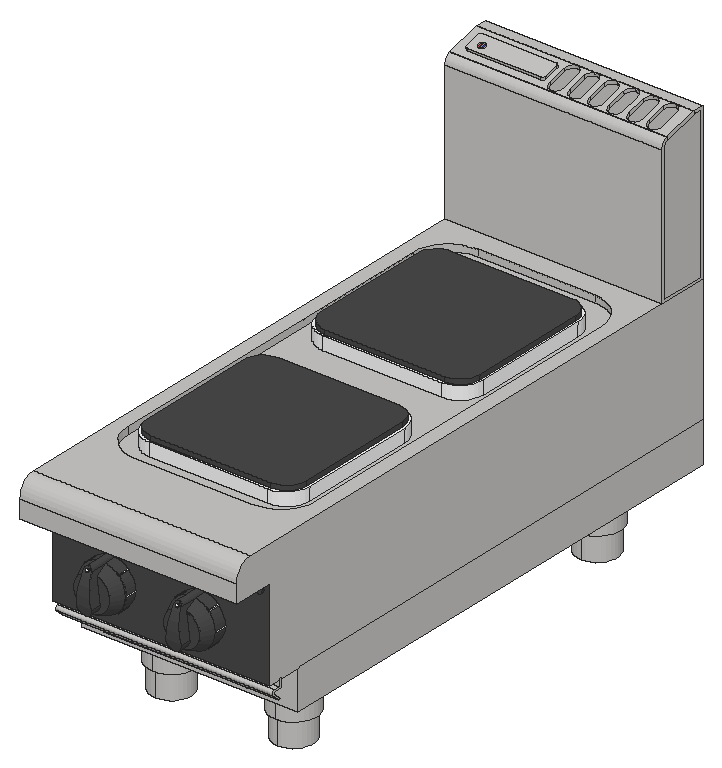
Revit family "QF_Moffat_RNB8200SE-B_Electric_Cooktops_Sealed_Hobs_cat", category Specialty Equipment, Revit 2019
Family settings
  Round Connector Dimension = Use Diameter
  Part Type = Normal
  Work Plane-Based = No
  Always vertical = Yes
  Cut with Voids When Loaded = No
  Shared = No
  Room Calculation Point = No
Parameters
  Weight in Kilograms = 32
  Watts = Volts * FL Amps  # 5060 W
  Volts = 230 V
  URL Cutsheet = ""
  Specification by User = ""
  Specification by Manufacturer = ""
  Show Low Back [instance] = no
  Show Logo [instance] = yes
  Show High Back [instance] = not(Show Low Back)  # yes
  Serial Number = ""
  Seismic Rating = ""
  SMACNA No = ""
  Revision Code = ""
  Phase = 1
  Number of Poles = 1
  NAFEM Spec ID Number = ""
  Model = "RNB8200SE-B"
  Min Ckt Ampacity = 0 A
  Max Overcurrent Protection = 0 A
  Masterspec = ""
  Manufacturer = "Moffat"
  Length = 300 mm
  Item Number = ""
  Installed By = ""
  Identify Quantity as Lot = yes
  Height = 315 mm
  HP = ""
  Furnished By = ""
  Foodservice Equipment Identifier = yes
  FL Amps = 22 A
  Electrical Remarks = ""
  Electric Connection Type = ""
  Elec Conn RI Height = 0 mm
  Elec Conn Connection Height = 0 mm
  Description = "Electric Cooktops Sealed Hobs"
  Depth = 805 mm
  Cycle = 50 Hz
  Conn Plug = ""
  Conn Conduit = yes
  CSI MasterFormat = ""
  Apparent Power = if(Phase = 3, Volts * FL Amps * 1.73, Volts * FL Amps)  # 5060 VA
Reference planes
  plane 1 "BACK": y = 0
  plane 2: z = 0
  plane 3 "LEFT": x = 0
  plane 4 "RIGHT": x = 300
  plane 5 "FRONT": y = -805
  plane 6 "TOP": z = 315
  plane 7 "Center Y": x = 150
  plane 8 "Center X": y = -402.5
  plane 9: x = 65.5
  plane 10: x = 234.5
  plane 11: x = 170
  plane 12: y = -100
  plane 13: y = -625
  plane 14: z = 530
Dimensions and locks
  equal spacing: plane 3 "LEFT", plane 7 "Center Y", plane 4 "RIGHT"
  "Length": plane 3 "LEFT" to plane 4 "RIGHT"
  equal spacing: plane 5 "FRONT", plane 8 "Center X", plane 1 "BACK"
  "Depth": plane 5 "FRONT" to plane 1 "BACK"
  "Height": plane 6 "TOP" to level
  plane 10 to plane 9 = 169 mm
  plane 3 "LEFT" to plane 4 "RIGHT" = 300 mm
  nested 1 to plane 11 = 130 mm
  plane 5 "FRONT" to plane 1 "BACK" = 805 mm
  nested 1 to plane 1 "BACK" = 70 mm
  plane 13 to plane 12 = 525 mm
  plane 6 "TOP" to level = 315 mm
  plane 14 to plane 6 "TOP" = 215 mm
  aligned and locked: level to plane 2
Nested families
  nested 1: "High and Low Option" at (0, 0, -600), High Back <- "Show High Back", Low Back <- "Show Low Back", Show Logo <- "Show Logo", type "RNLB8610SE"
    with Show Logo 2 yes, Show Logo 1 no, Show Logo yes, Low Back no, High Back yes
  nested 2: "RN8200SE-B" at (0, 0, 0), type "E512S-B"
Connectors
  electrical at (170, -30, 83.4), driven by "Volts", driven by "Watts"
    settings: on nested 2, index 1, voltage 230 V, apparent load 5060 VA, apparent load phase1 0 VA, apparent load phase2 0 VA, apparent load phase3 0 VA, power factor 1, load classification "Other", number of poles 1, system type 30, power factor state 1, is connector primary yes, connector utility no, sub classification motor no, connector description "ELECTRICAL CONNECTION"
Definition of nested family "High and Low Option"
  Parameters (values of type "RNLB8610SE")
    Weight in Kilograms = 0
    Watts = Volts * FL Amps  # 12400 W
    Volts = 400 V
    URL Cutsheet = ""
    Specification by User = ""
    Specification by Manufacturer = ""
    Show Logo 2 [instance] = and(Show Logo, High Back)  # yes
    Show Logo 1 [instance] = and(Show Logo, Low Back)  # yes
    Show Logo [instance] = yes
    Serial Number = ""
    Seismic Rating = ""
    SMACNA No = ""
    Revision Code = ""
    Phase = 3
    Number of Poles = 1
    NAFEM Spec ID Number = ""
    Model = ""
    Min Ckt Ampacity = 0 A
    Max Overcurrent Protection = 0 A
    Masterspec = ""
    Manufacturer = ""
    Low Back [instance] = yes
    Length = 300 mm
    Item Number = ""
    Installed By = ""
    Identify Quantity as Lot = yes
    High Back [instance] = yes
    Height = 970 mm
    HP = ""
    Furnished By = ""
    Foodservice Equipment Identifier = yes
    FL Amps = 31 A
    Electrical Remarks = ""
    Electric Connection Type = ""
    Elec Conn RI Height = 0 mm
    Elec Conn Connection Height = 0 mm
    Description = ""
    Depth = 805 mm
    Cycle = 50 Hz
    Conn Plug = ""
    Conn Conduit = yes
    CSI MasterFormat = ""
    Apparent Power = if(Phase = 3, Volts * FL Amps * 1.73, Volts * FL Amps)  # 21452 VA
  Reference planes
    plane 1 "BACK": y = 0
    plane 2: z = 0
    plane 3 "LEFT": x = 0
    plane 4 "RIGHT": x = 300
    plane 5 "FRONT": y = -805
    plane 6 "TOP": z = 970
    plane 7 "Center Y": x = 150
    plane 8 "Center X": y = -402.5
    plane 9: x = 65.5
    plane 10: x = 834.5
    plane 11: z = 150
    plane 12: z = 675
    plane 13: z = 1130
    plane 14: z = 934.75
    plane 15: z = 955
    plane 16: z = 915
  Forms (mm)
    Extrusion 1, solid, visible <- "Low Back"
      sketch origin (0, 0, 600) x (0, 1, 0) y (0, 0, 1)
        loop
          line (-70, 315) -> (0, 315) -> (0, 370) -> (-55, 370) -> (-70, 355) -> (-70, 315)
      from 0 to 300
    Extrusion 2, solid, visible <- "High Back"
      sketch origin (0, 0, 0) x (0, 1, 0) y (0, 0, 1)
        loop
          line (-70, 915) -> (0, 915) -> (0, 1130) -> (-15, 1130) -> (-13.928, 1126) -> (-3.2, 1126) -> (-3.2, 918.2) -> (-66.8, 918.2) -> (-66.8, 1105.055)
          arc (-66.8, 1105.055) -> (-64.936, 1110.6) -> (-60.1, 1113.892) r 9.177
          line (-60.1, 1113.892) -> (-61.106, 1117.646)
          arc (-61.106, 1117.646) -> (-67.52, 1113.36) -> (-70, 1106.055) r 12
          line (-70, 1106.055) -> (-70, 915)
      from 0 to 300
    Extrusion 3, solid, visible <- "High Back"
      sketch origin (0, 0, 0) x (0, 1, 0) y (0, 0, 1)
        loop
          line (-3.2, 1126) -> (-14.911, 1126) -> (-60.1, 1113.892)
          arc (-60.1, 1113.892) -> (-64.936, 1110.6) -> (-66.8, 1105.055) r 9.177
          line (-66.8, 1105.055) -> (-66.8, 918.2) -> (-3.2, 918.2) -> (-3.2, 1126)
      from 0 to 3.2
    Extrusion 4, solid, visible <- "High Back"
      sketch origin (300, 0, 0) x (0, 1, 0) y (0, 0, -1)
        loop
          line (-3.2, -1126) -> (-3.2, -918.2) -> (-66.8, -918.2) -> (-66.8, -1105.055)
          arc (-66.8, -1105.055) -> (-64.936, -1110.6) -> (-60.1, -1113.892) r 9.177
          line (-60.1, -1113.892) -> (-14.911, -1126) -> (-3.2, -1126)
      from 0 to 3.2
    Extrusion 5, solid, visible <- "High Back"
      sketch origin (0, -15, 1130) x (0, -0.965926, -0.258819) y (1, 0, 0)
        loop
          line (47.732, 300) -> (0, 300) -> (0, 0) -> (47.732, 0) -> (47.732, 300)
        loop
          arc (11.379, 149.307) -> (1.379, 139.307) -> (11.379, 129.307) r 10
          line (11.379, 129.307) -> (36.495, 129.307)
          arc (36.495, 129.307) -> (46.495, 139.307) -> (36.495, 149.307) r 10
          line (36.495, 149.307) -> (11.379, 149.307)
        loop
          arc (11.379, 176.588) -> (1.379, 166.588) -> (11.379, 156.588) r 10
          line (11.379, 156.588) -> (36.495, 156.588)
          arc (36.495, 156.588) -> (46.495, 166.588) -> (36.495, 176.588) r 10
          line (36.495, 176.588) -> (11.379, 176.588)
        loop
          arc (11.379, 203.868) -> (1.379, 193.868) -> (11.379, 183.868) r 10
          line (11.379, 183.868) -> (36.495, 183.868)
          arc (36.495, 183.868) -> (46.495, 193.868) -> (36.495, 203.868) r 10
          line (36.495, 203.868) -> (11.379, 203.868)
        loop
          arc (11.379, 231.148) -> (1.379, 221.148) -> (11.379, 211.148) r 10
          line (11.379, 211.148) -> (36.495, 211.148)
          arc (36.495, 211.148) -> (46.495, 221.148) -> (36.495, 231.148) r 10
          line (36.495, 231.148) -> (11.379, 231.148)
        loop
          arc (11.379, 258.428) -> (1.379, 248.428) -> (11.379, 238.428) r 10
          line (11.379, 238.428) -> (36.495, 238.428)
          arc (36.495, 238.428) -> (46.495, 248.428) -> (36.495, 258.428) r 10
          line (36.495, 258.428) -> (11.379, 258.428)
        loop
          arc (11.379, 285.709) -> (1.379, 275.709) -> (11.379, 265.709) r 10
          line (11.379, 265.709) -> (36.495, 265.709)
          arc (36.495, 265.709) -> (46.495, 275.709) -> (36.495, 285.709) r 10
          line (36.495, 285.709) -> (11.379, 285.709)
      from 0 to -3.887
    Extrusion 6, solid, visible <- "Low Back", not visible
      sketch origin (0, 0, 600) x (0, 1, 0) y (0, 0, 1)
        loop
          line (-70, 315) -> (0, 315) -> (0, 370) -> (-55, 370) -> (-70, 355) -> (-70, 315)
      from 0 to 300
    Extrusion 7, solid, visible <- "High Back", not visible
      sketch origin (0, 0, 0) x (0, 1, 0) y (0, 0, 1)
        loop
          line (-70, 915) -> (0, 915) -> (0, 1130) -> (-15, 1130) -> (-13.928, 1126) -> (-3.2, 1126) -> (-3.2, 918.2) -> (-66.8, 918.2) -> (-66.8, 1105.055)
          arc (-66.8, 1105.055) -> (-64.936, 1110.6) -> (-60.1, 1113.892) r 9.177
          line (-60.1, 1113.892) -> (-61.106, 1117.646)
          arc (-61.106, 1117.646) -> (-67.52, 1113.36) -> (-70, 1106.055) r 12
          line (-70, 1106.055) -> (-70, 915)
      from 0 to 300
    Extrusion 8, solid, visible <- "High Back", not visible
      sketch origin (0, 0, 0) x (0, 1, 0) y (0, 0, 1)
        loop
          line (-3.2, 1126) -> (-14.911, 1126) -> (-60.1, 1113.892)
          arc (-60.1, 1113.892) -> (-64.936, 1110.6) -> (-66.8, 1105.055) r 9.177
          line (-66.8, 1105.055) -> (-66.8, 918.2) -> (-3.2, 918.2) -> (-3.2, 1126)
      from 0 to 3.2
    Extrusion 9, solid, visible <- "High Back", not visible
      sketch origin (300, 0, 0) x (0, 1, 0) y (0, 0, -1)
        loop
          line (-3.2, -1126) -> (-3.2, -918.2) -> (-66.8, -918.2) -> (-66.8, -1105.055)
          arc (-66.8, -1105.055) -> (-64.936, -1110.6) -> (-60.1, -1113.892) r 9.177
          line (-60.1, -1113.892) -> (-14.911, -1126) -> (-3.2, -1126)
      from 0 to 3.2
    Extrusion 10, solid, visible <- "High Back", not visible
      sketch origin (0, -15, 1130) x (0, -0.965926, -0.258819) y (1, 0, 0)
        loop
          line (47.732, 300) -> (0, 300) -> (0, 0) -> (47.732, 0) -> (47.732, 300)
        loop
          arc (11.379, 149.307) -> (1.379, 139.307) -> (11.379, 129.307) r 10
          line (11.379, 129.307) -> (36.495, 129.307)
          arc (36.495, 129.307) -> (46.495, 139.307) -> (36.495, 149.307) r 10
          line (36.495, 149.307) -> (11.379, 149.307)
        loop
          arc (11.379, 176.588) -> (1.379, 166.588) -> (11.379, 156.588) r 10
          line (11.379, 156.588) -> (36.495, 156.588)
          arc (36.495, 156.588) -> (46.495, 166.588) -> (36.495, 176.588) r 10
          line (36.495, 176.588) -> (11.379, 176.588)
        loop
          arc (11.379, 203.868) -> (1.379, 193.868) -> (11.379, 183.868) r 10
          line (11.379, 183.868) -> (36.495, 183.868)
          arc (36.495, 183.868) -> (46.495, 193.868) -> (36.495, 203.868) r 10
          line (36.495, 203.868) -> (11.379, 203.868)
        loop
          arc (11.379, 231.148) -> (1.379, 221.148) -> (11.379, 211.148) r 10
          line (11.379, 211.148) -> (36.495, 211.148)
          arc (36.495, 211.148) -> (46.495, 221.148) -> (36.495, 231.148) r 10
          line (36.495, 231.148) -> (11.379, 231.148)
        loop
          arc (11.379, 258.428) -> (1.379, 248.428) -> (11.379, 238.428) r 10
          line (11.379, 238.428) -> (36.495, 238.428)
          arc (36.495, 238.428) -> (46.495, 248.428) -> (36.495, 258.428) r 10
          line (36.495, 258.428) -> (11.379, 258.428)
        loop
          arc (11.379, 285.709) -> (1.379, 275.709) -> (11.379, 265.709) r 10
          line (11.379, 265.709) -> (36.495, 265.709)
          arc (36.495, 265.709) -> (46.495, 275.709) -> (36.495, 285.709) r 10
          line (36.495, 285.709) -> (11.379, 285.709)
      from 0 to -3.887
  Lines and regions (mm)
    symbolic lines
      curve 1: line (0, -71.587, 946.25) -> (0, -71.587, 923.25)
      curve 2: line (0, 0, 0) -> (300, 0, 0)
      curve 3: line (0, -70, 0) -> (0, 0, 0)
      curve 4: line (300, -70, 0) -> (0, -70, 0)
      curve 5: line (300, 0, 0) -> (300, -70, 0)
      curve 58: line (0, 0, 0) -> (300, 0, 0)
      curve 59: line (0, -70, 0) -> (0, 0, 0)
      curve 60: line (300, -70, 0) -> (0, -70, 0)
      curve 61: line (300, 0, 0) -> (300, -70, 0)
    symbolic lines, visible <- "High Back"
      curve 6: line (129.307, -50.251, 0) -> (129.307, -25.991, 0)
      curve 7: spline (129.307, -25.991, 0) -> (129.648, -23.491, 0) -> (130.647, -21.162, 0) -> (132.236, -19.161, 0) -> (134.307, -17.626, 0) -> (136.719, -16.661, 0) -> (139.307, -16.332, 0) -> (141.896, -16.661, 0) -> (144.307, -17.626, 0) -> (146.379, -19.161, 0) -> (147.968, -21.162, 0) -> (148.967, -23.491, 0) -> (149.307, -25.991, 0)
      curve 8: line (149.307, -25.991, 0) -> (149.307, -50.251, 0)
      curve 9: spline (149.307, -50.251, 0) -> (148.967, -52.751, 0) -> (147.968, -55.081, 0) -> (146.379, -57.081, 0) -> (144.307, -58.616, 0) -> (141.896, -59.581, 0) -> (139.307, -59.91, 0) -> (136.719, -59.581, 0) -> (134.307, -58.616, 0) -> (132.236, -57.081, 0) -> (130.647, -55.081, 0) -> (129.648, -52.751, 0) -> (129.307, -50.251, 0)
      curve 10: line (156.588, -50.251, 0) -> (156.588, -25.991, 0)
      curve 11: spline (156.588, -25.991, 0) -> (156.928, -23.491, 0) -> (157.927, -21.162, 0) -> (159.517, -19.161, 0) -> (161.588, -17.626, 0) -> (164, -16.661, 0) -> (166.588, -16.332, 0) -> (169.176, -16.661, 0) -> (171.588, -17.626, 0) -> (173.659, -19.161, 0) -> (175.248, -21.162, 0) -> (176.247, -23.491, 0) -> (176.588, -25.991, 0)
      curve 12: line (176.588, -25.991, 0) -> (176.588, -50.251, 0)
      curve 13: spline (176.588, -50.251, 0) -> (176.247, -52.751, 0) -> (175.248, -55.081, 0) -> (173.659, -57.081, 0) -> (171.588, -58.616, 0) -> (169.176, -59.581, 0) -> (166.588, -59.91, 0) -> (164, -59.581, 0) -> (161.588, -58.616, 0) -> (159.517, -57.081, 0) -> (157.927, -55.081, 0) -> (156.928, -52.751, 0) -> (156.588, -50.251, 0)
      curve 14: line (183.868, -50.251, 0) -> (183.868, -25.991, 0)
      curve 15: spline (183.868, -25.991, 0) -> (184.209, -23.491, 0) -> (185.208, -21.162, 0) -> (186.797, -19.161, 0) -> (188.868, -17.626, 0) -> (191.28, -16.661, 0) -> (193.868, -16.332, 0) -> (196.456, -16.661, 0) -> (198.868, -17.626, 0) -> (200.939, -19.161, 0) -> (202.528, -21.162, 0) -> (203.527, -23.491, 0) -> (203.868, -25.991, 0)
      curve 16: line (203.868, -25.991, 0) -> (203.868, -50.251, 0)
      curve 17: spline (203.868, -50.251, 0) -> (203.527, -52.751, 0) -> (202.528, -55.081, 0) -> (200.939, -57.081, 0) -> (198.868, -58.616, 0) -> (196.456, -59.581, 0) -> (193.868, -59.91, 0) -> (191.28, -59.581, 0) -> (188.868, -58.616, 0) -> (186.797, -57.081, 0) -> (185.208, -55.081, 0) -> (184.209, -52.751, 0) -> (183.868, -50.251, 0)
      curve 18: line (211.148, -50.251, 0) -> (211.148, -25.991, 0)
      curve 19: spline (211.148, -25.991, 0) -> (211.489, -23.491, 0) -> (212.488, -21.162, 0) -> (214.077, -19.161, 0) -> (216.148, -17.626, 0) -> (218.56, -16.661, 0) -> (221.148, -16.332, 0) -> (223.736, -16.661, 0) -> (226.148, -17.626, 0) -> (228.219, -19.161, 0) -> (229.808, -21.162, 0) -> (230.807, -23.491, 0) -> (231.148, -25.991, 0)
      curve 20: line (231.148, -25.991, 0) -> (231.148, -50.251, 0)
      curve 21: spline (231.148, -50.251, 0) -> (230.807, -52.751, 0) -> (229.808, -55.081, 0) -> (228.219, -57.081, 0) -> (226.148, -58.616, 0) -> (223.736, -59.581, 0) -> (221.148, -59.91, 0) -> (218.56, -59.581, 0) -> (216.148, -58.616, 0) -> (214.077, -57.081, 0) -> (212.488, -55.081, 0) -> (211.489, -52.751, 0) -> (211.148, -50.251, 0)
      curve 22: line (238.428, -50.251, 0) -> (238.428, -25.991, 0)
      curve 23: spline (238.428, -25.991, 0) -> (238.769, -23.491, 0) -> (239.768, -21.162, 0) -> (241.357, -19.161, 0) -> (243.428, -17.626, 0) -> (245.84, -16.661, 0) -> (248.428, -16.332, 0) -> (251.017, -16.661, 0) -> (253.428, -17.626, 0) -> (255.499, -19.161, 0) -> (257.089, -21.162, 0) -> (258.088, -23.491, 0) -> (258.428, -25.991, 0)
      curve 24: line (258.428, -25.991, 0) -> (258.428, -50.251, 0)
      curve 25: spline (258.428, -50.251, 0) -> (258.088, -52.751, 0) -> (257.089, -55.081, 0) -> (255.499, -57.081, 0) -> (253.428, -58.616, 0) -> (251.017, -59.581, 0) -> (248.428, -59.91, 0) -> (245.84, -59.581, 0) -> (243.428, -58.616, 0) -> (241.357, -57.081, 0) -> (239.768, -55.081, 0) -> (238.769, -52.751, 0) -> (238.428, -50.251, 0)
      curve 26: line (265.709, -50.251, 0) -> (265.709, -25.991, 0)
      curve 27: spline (265.709, -25.991, 0) -> (266.049, -23.491, 0) -> (267.048, -21.162, 0) -> (268.637, -19.161, 0) -> (270.709, -17.626, 0) -> (273.12, -16.661, 0) -> (275.709, -16.332, 0) -> (278.297, -16.661, 0) -> (280.709, -17.626, 0) -> (282.78, -19.161, 0) -> (284.369, -21.162, 0) -> (285.368, -23.491, 0) -> (285.709, -25.991, 0)
      curve 28: line (285.709, -25.991, 0) -> (285.709, -50.251, 0)
      curve 29: spline (285.709, -50.251, 0) -> (285.368, -52.751, 0) -> (284.369, -55.081, 0) -> (282.78, -57.081, 0) -> (280.709, -58.616, 0) -> (278.297, -59.581, 0) -> (275.709, -59.91, 0) -> (273.12, -59.581, 0) -> (270.709, -58.616, 0) -> (268.637, -57.081, 0) -> (267.048, -55.081, 0) -> (266.049, -52.751, 0) -> (265.709, -50.251, 0)
    symbolic lines, not visible
      curve 30: line (0, 0, 0) -> (300, 0, 0)
      curve 31: line (0, -70, 0) -> (0, 0, 0)
      curve 32: line (300, -70, 0) -> (0, -70, 0)
      curve 33: line (300, 0, 0) -> (300, -70, 0)
      curve 62: line (0, 0, 0) -> (300, 0, 0)
      curve 63: line (0, -70, 0) -> (0, 0, 0)
      curve 64: line (300, -70, 0) -> (0, -70, 0)
      curve 65: line (300, 0, 0) -> (300, -70, 0)
    symbolic lines, visible <- "High Back", not visible
      curve 34: line (129.307, -50.251, 0) -> (129.307, -25.991, 0)
      curve 35: spline (129.307, -25.991, 0) -> (129.648, -23.491, 0) -> (130.647, -21.162, 0) -> (132.236, -19.161, 0) -> (134.307, -17.626, 0) -> (136.719, -16.661, 0) -> (139.307, -16.332, 0) -> (141.896, -16.661, 0) -> (144.307, -17.626, 0) -> (146.379, -19.161, 0) -> (147.968, -21.162, 0) -> (148.967, -23.491, 0) -> (149.307, -25.991, 0)
      curve 36: line (149.307, -25.991, 0) -> (149.307, -50.251, 0)
      curve 37: spline (149.307, -50.251, 0) -> (148.967, -52.751, 0) -> (147.968, -55.081, 0) -> (146.379, -57.081, 0) -> (144.307, -58.616, 0) -> (141.896, -59.581, 0) -> (139.307, -59.91, 0) -> (136.719, -59.581, 0) -> (134.307, -58.616, 0) -> (132.236, -57.081, 0) -> (130.647, -55.081, 0) -> (129.648, -52.751, 0) -> (129.307, -50.251, 0)
      curve 38: line (156.588, -50.251, 0) -> (156.588, -25.991, 0)
      curve 39: spline (156.588, -25.991, 0) -> (156.928, -23.491, 0) -> (157.927, -21.162, 0) -> (159.517, -19.161, 0) -> (161.588, -17.626, 0) -> (164, -16.661, 0) -> (166.588, -16.332, 0) -> (169.176, -16.661, 0) -> (171.588, -17.626, 0) -> (173.659, -19.161, 0) -> (175.248, -21.162, 0) -> (176.247, -23.491, 0) -> (176.588, -25.991, 0)
      curve 40: line (176.588, -25.991, 0) -> (176.588, -50.251, 0)
      curve 41: spline (176.588, -50.251, 0) -> (176.247, -52.751, 0) -> (175.248, -55.081, 0) -> (173.659, -57.081, 0) -> (171.588, -58.616, 0) -> (169.176, -59.581, 0) -> (166.588, -59.91, 0) -> (164, -59.581, 0) -> (161.588, -58.616, 0) -> (159.517, -57.081, 0) -> (157.927, -55.081, 0) -> (156.928, -52.751, 0) -> (156.588, -50.251, 0)
      curve 42: line (183.868, -50.251, 0) -> (183.868, -25.991, 0)
      curve 43: spline (183.868, -25.991, 0) -> (184.209, -23.491, 0) -> (185.208, -21.162, 0) -> (186.797, -19.161, 0) -> (188.868, -17.626, 0) -> (191.28, -16.661, 0) -> (193.868, -16.332, 0) -> (196.456, -16.661, 0) -> (198.868, -17.626, 0) -> (200.939, -19.161, 0) -> (202.528, -21.162, 0) -> (203.527, -23.491, 0) -> (203.868, -25.991, 0)
      curve 44: line (203.868, -25.991, 0) -> (203.868, -50.251, 0)
      curve 45: spline (203.868, -50.251, 0) -> (203.527, -52.751, 0) -> (202.528, -55.081, 0) -> (200.939, -57.081, 0) -> (198.868, -58.616, 0) -> (196.456, -59.581, 0) -> (193.868, -59.91, 0) -> (191.28, -59.581, 0) -> (188.868, -58.616, 0) -> (186.797, -57.081, 0) -> (185.208, -55.081, 0) -> (184.209, -52.751, 0) -> (183.868, -50.251, 0)
      curve 46: line (211.148, -50.251, 0) -> (211.148, -25.991, 0)
      curve 47: spline (211.148, -25.991, 0) -> (211.489, -23.491, 0) -> (212.488, -21.162, 0) -> (214.077, -19.161, 0) -> (216.148, -17.626, 0) -> (218.56, -16.661, 0) -> (221.148, -16.332, 0) -> (223.736, -16.661, 0) -> (226.148, -17.626, 0) -> (228.219, -19.161, 0) -> (229.808, -21.162, 0) -> (230.807, -23.491, 0) -> (231.148, -25.991, 0)
      curve 48: line (231.148, -25.991, 0) -> (231.148, -50.251, 0)
      curve 49: spline (231.148, -50.251, 0) -> (230.807, -52.751, 0) -> (229.808, -55.081, 0) -> (228.219, -57.081, 0) -> (226.148, -58.616, 0) -> (223.736, -59.581, 0) -> (221.148, -59.91, 0) -> (218.56, -59.581, 0) -> (216.148, -58.616, 0) -> (214.077, -57.081, 0) -> (212.488, -55.081, 0) -> (211.489, -52.751, 0) -> (211.148, -50.251, 0)
      curve 50: line (238.428, -50.251, 0) -> (238.428, -25.991, 0)
      curve 51: spline (238.428, -25.991, 0) -> (238.769, -23.491, 0) -> (239.768, -21.162, 0) -> (241.357, -19.161, 0) -> (243.428, -17.626, 0) -> (245.84, -16.661, 0) -> (248.428, -16.332, 0) -> (251.017, -16.661, 0) -> (253.428, -17.626, 0) -> (255.499, -19.161, 0) -> (257.089, -21.162, 0) -> (258.088, -23.491, 0) -> (258.428, -25.991, 0)
      curve 52: line (258.428, -25.991, 0) -> (258.428, -50.251, 0)
      curve 53: spline (258.428, -50.251, 0) -> (258.088, -52.751, 0) -> (257.089, -55.081, 0) -> (255.499, -57.081, 0) -> (253.428, -58.616, 0) -> (251.017, -59.581, 0) -> (248.428, -59.91, 0) -> (245.84, -59.581, 0) -> (243.428, -58.616, 0) -> (241.357, -57.081, 0) -> (239.768, -55.081, 0) -> (238.769, -52.751, 0) -> (238.428, -50.251, 0)
      curve 54: line (265.709, -50.251, 0) -> (265.709, -25.991, 0)
      curve 55: spline (265.709, -25.991, 0) -> (266.049, -23.491, 0) -> (267.048, -21.162, 0) -> (268.637, -19.161, 0) -> (270.709, -17.626, 0) -> (273.12, -16.661, 0) -> (275.709, -16.332, 0) -> (278.297, -16.661, 0) -> (280.709, -17.626, 0) -> (282.78, -19.161, 0) -> (284.369, -21.162, 0) -> (285.368, -23.491, 0) -> (285.709, -25.991, 0)
      curve 56: line (285.709, -25.991, 0) -> (285.709, -50.251, 0)
      curve 57: spline (285.709, -50.251, 0) -> (285.368, -52.751, 0) -> (284.369, -55.081, 0) -> (282.78, -57.081, 0) -> (280.709, -58.616, 0) -> (278.297, -59.581, 0) -> (275.709, -59.91, 0) -> (273.12, -59.581, 0) -> (270.709, -58.616, 0) -> (268.637, -57.081, 0) -> (267.048, -55.081, 0) -> (266.049, -52.751, 0) -> (265.709, -50.251, 0)
  Dimensions and locks
    equal spacing: plane 3 "LEFT", plane 7 "Center Y", plane 4 "RIGHT"
    "Length": plane 3 "LEFT" to plane 4 "RIGHT"
    equal spacing: plane 5 "FRONT", plane 8 "Center X", plane 1 "BACK"
    "Depth": plane 5 "FRONT" to plane 1 "BACK"
    "Height": plane 6 "TOP" to level
    plane 4 "RIGHT" to plane 3 "LEFT" = 300 mm
    plane 1 "BACK" to plane 5 "FRONT" = 805 mm
    plane 9 to plane 10 = 769 mm
    plane 12 to plane 2 = 675 mm
    plane 6 "TOP" to level = 970 mm
    plane 13 to level = 1130 mm
    aligned and locked: level to plane 2
  Automatic sketch dimensions
    plane 1 "BACK" to curve 1 = 71.587 mm
    curve 1 to plane 6 "TOP" = 46.75 mm
    curve 1 to curve 1 = 23 mm
    curve 3 to curve 6 = 129.307 mm
    curve 6 to curve 8 = 20 mm
    curve 8 to curve 10 = 7.28 mm
    curve 10 to curve 12 = 20 mm
    curve 12 to curve 14 = 7.28 mm
    curve 14 to curve 16 = 20 mm
    curve 16 to curve 18 = 7.28 mm
    curve 18 to curve 20 = 20 mm
    curve 20 to curve 22 = 7.28 mm
    curve 22 to curve 24 = 20 mm
    curve 24 to curve 26 = 7.28 mm
    curve 26 to curve 28 = 20 mm
    curve 3 to curve 6 = 19.749 mm
    curve 8 to curve 10 = 0 mm
    curve 12 to curve 14 = 0 mm
    curve 16 to curve 18 = 0 mm
    curve 20 to curve 22 = 0 mm
    curve 24 to curve 26 = 0 mm
    curve 24 to curve 27 = 0 mm
    curve 20 to curve 23 = 0 mm
    curve 16 to curve 19 = 0 mm
    curve 12 to curve 15 = 0 mm
    curve 8 to curve 11 = 0 mm
    curve 3 to curve 3 = 70 mm
    Extrusion 5 sketch curve to Extrusion 5 sketch curve = 11.379 mm  (x2)
    Extrusion 5 sketch curve to Extrusion 5 sketch curve = 0 mm  (x9)
    Extrusion 5 sketch curve to Extrusion 5 sketch curve = 47.732 mm
    Extrusion 5 sketch curve to Extrusion 5 sketch curve = 129.307 mm
    Extrusion 5 sketch curve to Extrusion 5 sketch curve = 10 mm  (x6)
    Extrusion 5 sketch curve to Extrusion 5 sketch curve = 7.28 mm  (x5)
    Extrusion 5 sketch curve to Extrusion 5 sketch curve = 25.116 mm
    Extrusion 5 sketch curve to Extrusion 5 sketch curve = 14.291 mm
    curve 18 to curve 18 = 24.26 mm
    curve 28 to curve 5 = 14.291 mm
    curve 31 to curve 34 = 129.307 mm
    curve 34 to curve 36 = 20 mm
    curve 36 to curve 38 = 7.28 mm
    curve 38 to curve 40 = 20 mm
    curve 40 to curve 42 = 7.28 mm
    curve 42 to curve 44 = 20 mm
    curve 44 to curve 46 = 7.28 mm
    curve 46 to curve 48 = 20 mm
    curve 48 to curve 50 = 7.28 mm
    curve 50 to curve 52 = 20 mm
    curve 52 to curve 54 = 7.28 mm
    curve 54 to curve 56 = 20 mm
    curve 31 to curve 34 = 19.749 mm
    curve 36 to curve 38 = 0 mm
    curve 40 to curve 42 = 0 mm
    curve 44 to curve 46 = 0 mm
    curve 48 to curve 50 = 0 mm
    curve 52 to curve 54 = 0 mm
    curve 52 to curve 55 = 0 mm
    curve 48 to curve 51 = 0 mm
    curve 44 to curve 47 = 0 mm
    curve 40 to curve 43 = 0 mm
    curve 36 to curve 39 = 0 mm
    curve 31 to curve 31 = 70 mm
    Extrusion 10 sketch curve to Extrusion 10 sketch curve = 11.379 mm  (x2)
    Extrusion 10 sketch curve to Extrusion 10 sketch curve = 0 mm  (x9)
    Extrusion 10 sketch curve to Extrusion 10 sketch curve = 47.732 mm
    Extrusion 10 sketch curve to Extrusion 10 sketch curve = 129.307 mm
    Extrusion 10 sketch curve to Extrusion 10 sketch curve = 10 mm  (x6)
    Extrusion 10 sketch curve to Extrusion 10 sketch curve = 7.28 mm  (x5)
    Extrusion 10 sketch curve to Extrusion 10 sketch curve = 25.116 mm
    Extrusion 10 sketch curve to Extrusion 10 sketch curve = 14.291 mm
    curve 46 to curve 46 = 24.26 mm
    curve 56 to curve 33 = 14.291 mm
    curve 59 to curve 60 = 300 mm
    curve 59 to curve 59 = 70 mm
    curve 63 to curve 64 = 300 mm
    curve 63 to curve 63 = 70 mm
    Extrusion 3 sketch curve to Extrusion 3 sketch curve = 63.6 mm
    Extrusion 2 sketch curve to Extrusion 2 sketch curve = 3.2 mm  (x3)
    Extrusion 2 sketch curve to Extrusion 2 sketch curve = 8.8 mm
    Extrusion 2 sketch curve to Extrusion 2 sketch curve = 0.377 mm
    Extrusion 2 sketch curve to Extrusion 2 sketch curve = 43 mm
    Extrusion 2 sketch curve to Extrusion 2 sketch curve = 1.072 mm
    Extrusion 2 sketch curve to Extrusion 2 sketch curve = 10.728 mm
    Extrusion 2 sketch curve to Extrusion 2 sketch curve = 186.855 mm
    Extrusion 2 sketch curve to Extrusion 2 sketch curve = 1 mm
    Extrusion 2 sketch curve to Extrusion 2 sketch curve = 19.945 mm
    Extrusion 2 sketch curve to Extrusion 2 sketch curve = 4 mm
    Extrusion 2 sketch curve to Extrusion 2 sketch curve = 3.106 mm
    Extrusion 2 sketch curve to Extrusion 2 sketch curve = 1.006 mm
    Extrusion 4 sketch curve to Extrusion 4 sketch curve = 63.6 mm
    Extrusion 4 sketch curve to Extrusion 4 sketch curve = 12.108 mm
    Extrusion 4 sketch curve to Extrusion 4 sketch curve = 6.7 mm
    Extrusion 4 sketch curve to Extrusion 4 sketch curve = 11.711 mm
    Extrusion 4 sketch curve to Extrusion 4 sketch curve = 195.692 mm
    Extrusion 4 sketch curve to Extrusion 4 sketch curve = 8.837 mm
    Extrusion 4 sketch curve to Extrusion 4 sketch curve = 9.177 mm
    Extrusion 3 sketch curve to Extrusion 3 sketch curve = 6.7 mm
    Extrusion 3 sketch curve to Extrusion 3 sketch curve = 11.711 mm
    Extrusion 3 sketch curve to Extrusion 3 sketch curve = 186.855 mm
    Extrusion 3 sketch curve to Extrusion 3 sketch curve = 8.837 mm
    Extrusion 3 sketch curve to Extrusion 3 sketch curve = 12.108 mm
    Extrusion 8 sketch curve to Extrusion 8 sketch curve = 63.6 mm
    Extrusion 7 sketch curve to Extrusion 7 sketch curve = 3.2 mm  (x3)
    Extrusion 7 sketch curve to Extrusion 7 sketch curve = 8.8 mm
    Extrusion 7 sketch curve to Extrusion 7 sketch curve = 0.377 mm
    Extrusion 7 sketch curve to Extrusion 7 sketch curve = 43 mm
    Extrusion 7 sketch curve to Extrusion 7 sketch curve = 1.072 mm
    Extrusion 7 sketch curve to Extrusion 7 sketch curve = 10.728 mm
    Extrusion 7 sketch curve to Extrusion 7 sketch curve = 186.855 mm
    Extrusion 7 sketch curve to Extrusion 7 sketch curve = 1 mm
    Extrusion 7 sketch curve to Extrusion 7 sketch curve = 19.945 mm
    Extrusion 7 sketch curve to Extrusion 7 sketch curve = 4 mm
    Extrusion 7 sketch curve to Extrusion 7 sketch curve = 3.106 mm
    Extrusion 7 sketch curve to Extrusion 7 sketch curve = 1.006 mm
    Extrusion 9 sketch curve to Extrusion 9 sketch curve = 63.6 mm
    Extrusion 9 sketch curve to Extrusion 9 sketch curve = 12.108 mm
    Extrusion 9 sketch curve to Extrusion 9 sketch curve = 6.7 mm
    Extrusion 9 sketch curve to Extrusion 9 sketch curve = 11.711 mm
    Extrusion 9 sketch curve to Extrusion 9 sketch curve = 195.692 mm
    Extrusion 9 sketch curve to Extrusion 9 sketch curve = 8.837 mm
    Extrusion 9 sketch curve to Extrusion 9 sketch curve = 9.177 mm
    Extrusion 8 sketch curve to Extrusion 8 sketch curve = 6.7 mm
    Extrusion 8 sketch curve to Extrusion 8 sketch curve = 11.711 mm
    Extrusion 8 sketch curve to Extrusion 8 sketch curve = 186.855 mm
    Extrusion 8 sketch curve to Extrusion 8 sketch curve = 8.837 mm
    Extrusion 8 sketch curve to Extrusion 8 sketch curve = 12.108 mm
    Extrusion 1 sketch curve to Extrusion 1 sketch curve = 15 mm
    Extrusion 1 sketch curve to Extrusion 1 sketch curve = 55 mm  (x2)
    Extrusion 1 sketch curve to Extrusion 1 sketch curve = 40 mm
    Extrusion 6 sketch curve to Extrusion 6 sketch curve = 15 mm
    Extrusion 6 sketch curve to Extrusion 6 sketch curve = 55 mm  (x2)
    Extrusion 6 sketch curve to Extrusion 6 sketch curve = 40 mm
  Nested families
    nested 1: "QF_LOGO_Waldorf" at (32, -70, 923.25), visible <- "Show Logo 1", type "QF_LOGO_Waldorf"
    nested 2: "QF_LOGO_Waldorf1" at (12.5, -38.053, 1110.468), visible <- "Show Logo 2", type "QF_LOGO_Waldorf1"
    nested 3: "QF_LOGO_Waldorf" at (32, -70, 923.25), visible <- "Show Logo 1", type "QF_LOGO_Waldorf", not visible
    nested 4: "QF_LOGO_Waldorf1" at (12.5, -38.053, 1110.468), visible <- "Show Logo 2", type "QF_LOGO_Waldorf1", not visible
  Definition of nested family "QF_LOGO_Waldorf"
    Parameters (values of type "QF_LOGO_Waldorf")
      Weight in Pounds = 0
      URL Cutsheet = ""
      Specification by User = ""
      Specification by Manufacturer = ""
      Serial Number = ""
      Seismic Rating = ""
      SMACNA No = ""
      Revision Code = ""
      NAFEM Spec ID Number = ""
      Masterspec = ""
      Length = 138 mm
      Item Number = ""
      Installed By = ""
      Identify Quantity as Lot = yes
      Height = 26.711 mm
      Furnished By = ""
      Foodservice Equipment Identifier = yes
      Depth = 3.175 mm
      CSI MasterFormat = ""
    Reference planes
      plane 1 "BACK": y = 0
      plane 2: z = 0
      plane 3 "LEFT": x = 0
      plane 4 "RIGHT": x = 138
      plane 5 "FRONT": y = -3.175
      plane 6 "TOP": z = 26.711
      plane 7 "Center Y": x = 69
      plane 8 "Center X": y = -1.587
    Forms (mm)
      Extrusion 1, solid
        sketch origin (0, 0, 0) x (1, 0, 0) y (0, 0, 1)
          loop
            line (109, 3.464) -> (109, 23.247)
            spline (109, 23.247) -> (108.966, 23.699) -> (108.864, 24.143) -> (108.696, 24.572) -> (108.464, 24.979) -> (108.173, 25.355) -> (107.828, 25.696) -> (107.435, 25.995) -> (107, 26.247) -> (106.531, 26.447) -> (106.035, 26.593) -> (105.522, 26.681) -> (105, 26.711)
            line (105, 26.711) -> (4, 26.711)
            spline (4, 26.711) -> (3.478, 26.681) -> (2.965, 26.593) -> (2.469, 26.447) -> (2, 26.247) -> (1.565, 25.995) -> (1.172, 25.696) -> (0.827, 25.355) -> (0.536, 24.979) -> (0.304, 24.572) -> (0.136, 24.143) -> (0.034, 23.699) -> (0, 23.247)
            line (0, 23.247) -> (0, 3.464)
            spline (0, 3.464) -> (0.034, 3.012) -> (0.136, 2.568) -> (0.304, 2.138) -> (0.536, 1.732) -> (0.827, 1.355) -> (1.172, 1.015) -> (1.565, 0.716) -> (2, 0.464) -> (2.469, 0.264) -> (2.965, 0.118) -> (3.478, 0.03) -> (4, 0)
            line (4, 0) -> (105, 0)
            spline (105, 0) -> (105.522, 0.03) -> (106.035, 0.118) -> (106.531, 0.264) -> (107, 0.464) -> (107.435, 0.716) -> (107.828, 1.015) -> (108.173, 1.355) -> (108.464, 1.732) -> (108.696, 2.138) -> (108.864, 2.568) -> (108.966, 3.012) -> (109, 3.464)
          loop
            line (14.75, 7.005) -> (14.75, 15.654)
            arc (14.75, 15.654) -> (10.425, 11.329) -> (14.75, 7.005) r 4.325
          loop
            line (15.25, 15.654) -> (15.25, 7.005)
            arc (15.25, 7.005) -> (19.575, 11.329) -> (15.25, 15.654) r 4.325
        from 0 to 3.2
      Extrusion 2, solid
        sketch origin (0, 0, 0) x (1, 0, 0) y (0, 0, 1)
          loop
            line (15.25, 15.654) -> (15.25, 7.005)
            arc (15.25, 7.005) -> (19.575, 11.329) -> (15.25, 15.654) r 4.325
        from 0 to 3.2
      Extrusion 3, solid
        sketch origin (16.271, 0, 0) x (-1, 0, 0) y (0, 0, -1)
          loop
            arc (1.521, -15.654) -> (5.846, -11.329) -> (1.521, -7.005) r 4.325
            line (1.521, -7.005) -> (1.521, -15.654)
        from 0 to 3.2
    Lines and regions (mm)
      Split face 1
        outline origin (0, -3.2, 0) x (1, 0, 0) y (0, 0, 1)
          loop
            spline (22.129, 16.975) -> (22.389, 15.984) -> (22.649, 15.002) -> (22.91, 14.028) -> (23.172, 13.065) -> (23.433, 12.11) -> (23.695, 11.166) -> (23.956, 10.232) -> (24.218, 9.308) -> (24.479, 8.396) -> (24.74, 7.495) -> (25, 6.605) -> (25.26, 5.728)
            line (25.26, 5.728) -> (29.463, 5.728)
            spline (29.463, 5.728) -> (29.582, 6.252) -> (29.701, 6.78) -> (29.82, 7.313) -> (29.939, 7.85) -> (30.058, 8.391) -> (30.178, 8.936) -> (30.297, 9.485) -> (30.416, 10.038) -> (30.536, 10.594) -> (30.655, 11.155) -> (30.775, 11.719) -> (30.894, 12.287)
            spline (30.894, 12.287) -> (31.018, 11.719) -> (31.142, 11.155) -> (31.266, 10.594) -> (31.39, 10.038) -> (31.514, 9.485) -> (31.638, 8.936) -> (31.762, 8.391) -> (31.885, 7.85) -> (32.009, 7.313) -> (32.133, 6.78) -> (32.256, 6.252) -> (32.379, 5.728)
            line (32.379, 5.728) -> (36.51, 5.728)
            spline (36.51, 5.728) -> (36.766, 6.605) -> (37.023, 7.495) -> (37.28, 8.396) -> (37.538, 9.308) -> (37.795, 10.232) -> (38.053, 11.166) -> (38.311, 12.11) -> (38.569, 13.065) -> (38.826, 14.028) -> (39.083, 15.002) -> (39.34, 15.984) -> (39.597, 16.975)
            line (39.597, 16.975) -> (35.637, 16.975)
            spline (35.637, 16.975) -> (35.523, 16.334) -> (35.41, 15.697) -> (35.296, 15.063) -> (35.182, 14.433) -> (35.068, 13.807) -> (34.954, 13.185) -> (34.84, 12.566) -> (34.726, 11.952) -> (34.612, 11.342) -> (34.497, 10.737) -> (34.383, 10.135) -> (34.269, 9.538)
            spline (34.269, 9.538) -> (34.138, 10.135) -> (34.008, 10.737) -> (33.877, 11.342) -> (33.746, 11.952) -> (33.616, 12.566) -> (33.485, 13.185) -> (33.354, 13.807) -> (33.224, 14.433) -> (33.093, 15.063) -> (32.963, 15.697) -> (32.833, 16.334) -> (32.703, 16.975)
            line (32.703, 16.975) -> (29.247, 16.975)
            spline (29.247, 16.975) -> (29.111, 16.334) -> (28.974, 15.697) -> (28.837, 15.063) -> (28.7, 14.433) -> (28.562, 13.807) -> (28.425, 13.185) -> (28.288, 12.566) -> (28.15, 11.952) -> (28.013, 11.342) -> (27.875, 10.737) -> (27.738, 10.135) -> (27.6, 9.538)
            spline (27.6, 9.538) -> (27.483, 10.135) -> (27.366, 10.737) -> (27.249, 11.342) -> (27.132, 11.952) -> (27.015, 12.566) -> (26.897, 13.185) -> (26.78, 13.807) -> (26.663, 14.433) -> (26.546, 15.063) -> (26.43, 15.697) -> (26.313, 16.334) -> (26.196, 16.975)
            line (26.196, 16.975) -> (22.129, 16.975)
      Split face 2
        outline origin (0, -3.2, 0) x (1, 0, 0) y (0, 0, 1)
          loop
            line (51.449, 5.728) -> (51.035, 6.606) -> (51.035, 11.169)
            spline (51.035, 11.169) -> (50.686, 12.42) -> (50.176, 13.224) -> (49.51, 13.708) -> (48.693, 13.995) -> (47.747, 14.152) -> (46.698, 14.207) -> (45.579, 14.186) -> (44.419, 14.114) -> (43.279, 13.929) -> (42.249, 13.481) -> (41.424, 12.614) -> (40.897, 11.169)
            line (40.897, 11.169) -> (44.617, 11.169) -> (44.988, 11.965)
            spline (44.988, 11.965) -> (47.294, 11.682) -> (46.856, 10.932) -> (45.527, 10.609) -> (43.858, 10.439) -> (42.259, 10.123) -> (41.078, 9.417) -> (40.563, 8.246) -> (40.689, 6.989) -> (41.407, 6.052) -> (42.774, 5.536) -> (44.847, 5.497) -> (47.306, 6.602)
            line (47.306, 6.602) -> (47.624, 5.728) -> (51.449, 5.728)
      Split face 3
        outline origin (0, -3.2, 0) x (1, 0, 0) y (0, 0, 1)
          loop
            line (47.264, 9.264) -> (44.938, 8.597)
            spline (44.938, 8.597) -> (44.508, 8.228) -> (44.402, 7.9) -> (44.548, 7.626) -> (44.877, 7.42) -> (45.317, 7.295) -> (45.797, 7.265) -> (46.252, 7.342) -> (46.65, 7.525) -> (46.971, 7.813) -> (47.194, 8.201) -> (47.298, 8.685) -> (47.264, 9.264)
      Split face 4
        outline origin (0, -3.2, 0) x (1, 0, 0) y (0, 0, 1)
          loop
            line (53.33, 16.975) -> (53.33, 5.728) -> (57.173, 5.728) -> (57.173, 16.975) -> (53.33, 16.975)
      Split face 5
        outline origin (0, -3.2, 0) x (1, 0, 0) y (0, 0, 1)
          loop
            line (65.795, 16.975) -> (65.795, 12.976)
            spline (65.795, 12.976) -> (63.839, 14.082) -> (62.087, 14.096) -> (60.633, 13.343) -> (59.574, 12.148) -> (58.99, 10.806) -> (58.867, 9.452) -> (59.156, 8.159) -> (59.81, 7) -> (60.786, 6.056) -> (62.111, 5.514) -> (63.868, 5.634) -> (66.137, 6.679)
            line (66.137, 6.679) -> (66.137, 5.728) -> (69.511, 5.728) -> (69.511, 16.975) -> (65.795, 16.975)
      Split face 6
        outline origin (0, -3.2, 0) x (1, 0, 0) y (0, 0, 1)
          loop
            spline (64.273, 7.499) -> (64.754, 7.57) -> (65.202, 7.777) -> (65.587, 8.106) -> (65.882, 8.535) -> (66.067, 9.034) -> (66.131, 9.57) -> (66.067, 10.106) -> (65.882, 10.605) -> (65.587, 11.034) -> (65.202, 11.363) -> (64.754, 11.57) -> (64.273, 11.64)
            spline (64.273, 11.64) -> (63.793, 11.57) -> (63.345, 11.363) -> (62.96, 11.034) -> (62.665, 10.605) -> (62.479, 10.106) -> (62.416, 9.57) -> (62.479, 9.034) -> (62.665, 8.535) -> (62.96, 8.106) -> (63.345, 7.777) -> (63.793, 7.57) -> (64.273, 7.499)
      Split face 7
        outline origin (0, -3.2, 0) x (1, 0, 0) y (0, 0, 1)
          loop
            spline (76.449, 5.305) -> (77.855, 5.457) -> (79.166, 5.901) -> (80.291, 6.607) -> (81.155, 7.527) -> (81.698, 8.599) -> (81.883, 9.749) -> (81.698, 10.899) -> (81.155, 11.97) -> (80.291, 12.891) -> (79.166, 13.597) -> (77.855, 14.041) -> (76.449, 14.192)
            spline (76.449, 14.192) -> (75.042, 14.041) -> (73.731, 13.597) -> (72.606, 12.891) -> (71.742, 11.97) -> (71.199, 10.899) -> (71.014, 9.749) -> (71.199, 8.599) -> (71.742, 7.527) -> (72.606, 6.607) -> (73.731, 5.901) -> (75.042, 5.457) -> (76.449, 5.305)
      Split face 8
        outline origin (0, -3.2, 0) x (1, 0, 0) y (0, 0, 1)
          loop
            spline (76.449, 7.654) -> (76.841, 7.725) -> (77.206, 7.934) -> (77.52, 8.267) -> (77.76, 8.701) -> (77.912, 9.206) -> (77.963, 9.749) -> (77.912, 10.291) -> (77.76, 10.796) -> (77.52, 11.23) -> (77.206, 11.563) -> (76.841, 11.772) -> (76.449, 11.843)
            spline (76.449, 11.843) -> (76.057, 11.772) -> (75.691, 11.563) -> (75.378, 11.23) -> (75.137, 10.796) -> (74.986, 10.291) -> (74.934, 9.749) -> (74.986, 9.206) -> (75.137, 8.701) -> (75.378, 8.267) -> (75.691, 7.934) -> (76.057, 7.725) -> (76.449, 7.654)
      Split face 9
        outline origin (0, -3.2, 0) x (1, 0, 0) y (0, 0, 1)
          loop
            line (86.998, 12.335) -> (86.998, 13.879) -> (83.479, 13.879) -> (83.479, 5.728) -> (87.312, 5.728) -> (87.312, 8.975)
            spline (87.312, 8.975) -> (87.364, 9.356) -> (87.458, 9.686) -> (87.594, 9.968) -> (87.769, 10.204) -> (87.982, 10.398) -> (88.229, 10.55) -> (88.509, 10.666) -> (88.82, 10.746) -> (89.16, 10.794) -> (89.525, 10.812) -> (89.915, 10.803) -> (90.327, 10.77)
            line (90.327, 10.77) -> (90.327, 14.113)
            spline (90.327, 14.113) -> (89.929, 14.127) -> (89.552, 14.111) -> (89.197, 14.066) -> (88.865, 13.991) -> (88.554, 13.887) -> (88.266, 13.754) -> (87.999, 13.591) -> (87.755, 13.399) -> (87.532, 13.177) -> (87.332, 12.926) -> (87.154, 12.645) -> (86.998, 12.335)
      Split face 10
        outline origin (0, -3.2, 0) x (1, 0, 0) y (0, 0, 1)
          loop
            line (92.082, 13.879) -> (90.894, 13.879) -> (90.894, 11.972) -> (92.082, 11.972) -> (92.082, 5.728) -> (95.871, 5.728) -> (95.871, 11.972) -> (97.5, 11.972) -> (97.5, 13.879) -> (95.871, 13.879)
            spline (95.871, 13.879) -> (95.843, 14.088) -> (95.845, 14.278) -> (95.877, 14.447) -> (95.939, 14.596) -> (96.03, 14.726) -> (96.151, 14.835) -> (96.301, 14.925) -> (96.482, 14.995) -> (96.692, 15.045) -> (96.931, 15.075) -> (97.201, 15.085) -> (97.5, 15.076)
            line (97.5, 15.076) -> (97.5, 17.266) -> (95.367, 17.266)
            spline (95.367, 17.266) -> (94.982, 17.253) -> (94.58, 17.21) -> (94.174, 17.132) -> (93.774, 17.013) -> (93.39, 16.846) -> (93.034, 16.627) -> (92.717, 16.349) -> (92.448, 16.007) -> (92.24, 15.595) -> (92.102, 15.106) -> (92.046, 14.537) -> (92.082, 13.879)
    Dimensions and locks
      equal spacing: plane 3 "LEFT", plane 7 "Center Y", plane 4 "RIGHT"
      "Length": plane 3 "LEFT" to plane 4 "RIGHT"
      equal spacing: plane 5 "FRONT", plane 8 "Center X", plane 1 "BACK"
      "Depth": plane 5 "FRONT" to plane 1 "BACK"
      "Height": plane 6 "TOP" to level
      plane 4 "RIGHT" to plane 3 "LEFT" = 138 mm
      aligned and locked: level to plane 2
    Automatic sketch dimensions
      Extrusion 1 sketch curve to plane 3 "LEFT" = 0 mm
      Extrusion 1 sketch curve to plane 6 "TOP" = 0 mm
      Extrusion 1 sketch curve to level = 0 mm
      plane 3 "LEFT" to Extrusion 1 sketch curve = 4 mm  (x2)
      Extrusion 1 sketch curve to Extrusion 1 sketch curve = 10.75 mm
      Extrusion 1 sketch curve to Extrusion 1 sketch curve = 0.5 mm
      plane 4 "RIGHT" to Extrusion 1 sketch curve = 33 mm
      Extrusion 1 sketch curve to Extrusion 1 sketch curve = 0 mm  (x3)
      Extrusion 1 sketch curve to Extrusion 1 sketch curve = 4 mm
      level to Extrusion 1 sketch curve = 3.464 mm  (x2)
      level to Extrusion 1 sketch curve = 7.005 mm
      Extrusion 1 sketch curve to Extrusion 1 sketch curve = 4.325 mm
      Extrusion 1 sketch curve to plane 6 "TOP" = 3.464 mm  (x2)
      Extrusion 2 sketch curve to Extrusion 2 sketch curve = 4.325 mm
      level to Extrusion 2 sketch curve = 7.005 mm
      plane 3 "LEFT" to Extrusion 2 sketch curve = 15.25 mm
      Extrusion 3 sketch curve to Extrusion 3 sketch curve = 4.325 mm
      Extrusion 3 sketch curve to level = 7.005 mm
      Extrusion 3 sketch curve to plane 3 "LEFT" = 14.75 mm
      Extrusion 1 to Split face 1 sketch curve = 6.879 mm
      Split face 1 sketch curve to Extrusion 1 = 5.728 mm
      Split face 1 sketch curve to Split face 1 sketch curve = 3.132 mm
      Split face 1 sketch curve to Split face 1 sketch curve = 4.068 mm
      Split face 1 sketch curve to Split face 1 sketch curve = 3.051 mm
      Split face 1 sketch curve to Split face 1 sketch curve = 4.203 mm
      Split face 1 sketch curve to Split face 1 sketch curve = 2.916 mm
      Split face 1 sketch curve to Split face 1 sketch curve = 3.456 mm
      Split face 1 sketch curve to Split face 1 sketch curve = 2.934 mm
      Split face 1 sketch curve to Split face 1 sketch curve = 4.131 mm
      Split face 1 sketch curve to Split face 1 sketch curve = 3.96 mm
      Split face 1 sketch curve to Split face 1 sketch curve = 0 mm  (x2)
      Split face 1 sketch curve to Extrusion 1 = 9.736 mm  (x2)
      Extrusion 1 to Split face 1 sketch curve = 6.337 mm
      Extrusion 1 to Split face 1 sketch curve = 6.231 mm
      Extrusion 1 to Split face 1 sketch curve = 3.184 mm
      Extrusion 1 to Split face 1 sketch curve = 13.135 mm
      Split face 1 sketch curve to Split face 1 sketch curve = 4.652 mm
      Split face 1 sketch curve to Split face 1 sketch curve = 3.593 mm
      Split face 1 sketch curve to Split face 1 sketch curve = 1.863 mm
      Split face 1 sketch curve to Split face 1 sketch curve = 0.713 mm
      Split face 1 sketch curve to Split face 1 sketch curve = 2.684 mm
      Split face 1 sketch curve to Split face 1 sketch curve = 3.294 mm
      Split face 1 sketch curve to Split face 1 sketch curve = 0.459 mm
      Split face 1 sketch curve to Split face 1 sketch curve = 2.775 mm
      Split face 1 sketch curve to Split face 1 sketch curve = 1.89 mm
      Split face 1 sketch curve to Split face 1 sketch curve = 0.685 mm
      Split face 1 sketch curve to Split face 1 sketch curve = 9.486 mm
      Split face 1 sketch curve to Split face 1 sketch curve = 16.213 mm
      Split face 1 sketch curve to Split face 1 sketch curve = 3.48 mm
      Split face 1 sketch curve to Split face 1 sketch curve = 4.918 mm
      Split face 1 sketch curve to Split face 1 sketch curve = 7.609 mm
      Split face 1 sketch curve to Split face 1 sketch curve = 0.01 mm  (x2)
      Split face 1 sketch curve to Split face 1 sketch curve = 0.002 mm
      Split face 2 sketch curve to Extrusion 1 = 11.169 mm
      Extrusion 1 to Split face 2 sketch curve = 25.647 mm
      Split face 2 sketch curve to Split face 2 sketch curve = 3.72 mm
      Split face 2 sketch curve to Extrusion 1 = 11.965 mm
      Split face 2 sketch curve to Split face 2 sketch curve = 0.371 mm
      Split face 2 sketch curve to Extrusion 1 = 6.602 mm
      Split face 2 sketch curve to Split face 2 sketch curve = 2.689 mm
      Split face 2 sketch curve to Split face 2 sketch curve = 0.318 mm
      Split face 2 sketch curve to Split face 2 sketch curve = 3.729 mm
      Split face 2 sketch curve to Split face 2 sketch curve = 0.414 mm
      Split face 2 sketch curve to Split face 2 sketch curve = 0.875 mm
      Split face 2 sketch curve to Split face 2 sketch curve = 0.878 mm
      Split face 3 sketch curve to Extrusion 1 = 8.597 mm
      Extrusion 1 to Split face 3 sketch curve = 29.688 mm
      Split face 3 sketch curve to Extrusion 1 = 9.264 mm
      Split face 3 sketch curve to Split face 3 sketch curve = 2.326 mm
      Split face 4 sketch curve to Extrusion 1 = 5.728 mm
      Extrusion 1 to Split face 4 sketch curve = 38.08 mm
      Split face 4 sketch curve to Split face 4 sketch curve = 3.843 mm
      Split face 4 sketch curve to Extrusion 1 = 9.736 mm
      Split face 5 sketch curve to Extrusion 1 = 12.976 mm
      Split face 5 sketch curve to Extrusion 1 = 43.205 mm
      Split face 5 sketch curve to Extrusion 1 = 6.679 mm
      Split face 5 sketch curve to Split face 5 sketch curve = 0.342 mm
      Split face 5 sketch curve to Split face 5 sketch curve = 3.375 mm
      Split face 5 sketch curve to Split face 5 sketch curve = 0.952 mm
      Split face 5 sketch curve to Split face 5 sketch curve = 3.998 mm
      Split face 6 sketch curve to Extrusion 1 = 7.499 mm
      Split face 6 sketch curve to Extrusion 1 = 44.727 mm
      Split face 6 sketch curve to Split face 6 sketch curve = 2.07 mm
      Split face 7 sketch curve to Extrusion 1 = 5.305 mm
      Split face 7 sketch curve to Extrusion 1 = 32.551 mm
      Split face 7 sketch curve to Split face 7 sketch curve = 4.443 mm
      Split face 8 sketch curve to Split face 8 sketch curve = 2.095 mm
      Split face 8 sketch curve to Extrusion 1 = 7.654 mm
      Split face 8 sketch curve to Extrusion 1 = 32.551 mm
      Split face 9 sketch curve to Extrusion 1 = 5.728 mm
      Split face 9 sketch curve to Extrusion 1 = 25.521 mm
      Split face 9 sketch curve to Split face 9 sketch curve = 3.519 mm
      Split face 9 sketch curve to Split face 9 sketch curve = 0.315 mm
      Split face 9 sketch curve to Split face 9 sketch curve = 3.33 mm
      Split face 9 sketch curve to Split face 9 sketch curve = 3.248 mm
      Split face 9 sketch curve to Split face 9 sketch curve = 1.795 mm
      Split face 9 sketch curve to Split face 9 sketch curve = 3.36 mm
      Split face 9 sketch curve to Split face 9 sketch curve = 1.545 mm
      Split face 9 sketch curve to Split face 9 sketch curve = 0.233 mm
      Split face 10 sketch curve to Extrusion 1 = 18.106 mm
      Split face 10 sketch curve to Split face 10 sketch curve = 1.188 mm  (x2)
      Split face 10 sketch curve to Split face 10 sketch curve = 3.285 mm
      Split face 10 sketch curve to Split face 10 sketch curve = 3.789 mm
      Split face 10 sketch curve to Split face 10 sketch curve = 0 mm  (x2)
      Split face 10 sketch curve to Split face 10 sketch curve = 1.629 mm
      Split face 10 sketch curve to Split face 10 sketch curve = 2.133 mm
      Split face 10 sketch curve to Extrusion 1 = 5.728 mm
      Split face 10 sketch curve to Split face 10 sketch curve = 6.245 mm
      Split face 10 sketch curve to Split face 10 sketch curve = 1.907 mm  (x2)
      Split face 10 sketch curve to Split face 10 sketch curve = 1.197 mm
      Split face 10 sketch curve to Split face 10 sketch curve = 2.19 mm
  Definition of nested family "QF_LOGO_Waldorf1"
    Parameters (values of type "QF_LOGO_Waldorf1")
      Weight in Pounds = 0
      URL Cutsheet = ""
      Specification by User = ""
      Specification by Manufacturer = ""
      Serial Number = ""
      Seismic Rating = ""
      SMACNA No = ""
      Revision Code = ""
      NAFEM Spec ID Number = ""
      Masterspec = ""
      Length = 138 mm
      Item Number = ""
      Installed By = ""
      Identify Quantity as Lot = yes
      Height = 26.711 mm
      Furnished By = ""
      Foodservice Equipment Identifier = yes
      Depth = 3.175 mm
      CSI MasterFormat = ""
    Reference planes
      plane 1 "BACK": y = 0
      plane 2: z = 0
      plane 3 "LEFT": x = 0
      plane 4 "RIGHT": x = 138
      plane 5 "FRONT": y = -3.175
      plane 6 "TOP": z = 26.711
      plane 7 "Center Y": x = 69
      plane 8 "Center X": y = -1.587
    Forms (mm)
      Extrusion 1, solid
        sketch origin (0, -12.9, 9.899) x (1, 0, 0) y (0, 0.965926, 0.258819)
          loop
            line (109, 3.464) -> (109, 23.247)
            spline (109, 23.247) -> (108.966, 23.699) -> (108.864, 24.143) -> (108.696, 24.572) -> (108.464, 24.979) -> (108.173, 25.355) -> (107.828, 25.696) -> (107.435, 25.995) -> (107, 26.247) -> (106.531, 26.447) -> (106.035, 26.593) -> (105.522, 26.681) -> (105, 26.711)
            line (105, 26.711) -> (4, 26.711)
            spline (4, 26.711) -> (3.478, 26.681) -> (2.965, 26.593) -> (2.469, 26.447) -> (2, 26.247) -> (1.565, 25.995) -> (1.172, 25.696) -> (0.827, 25.355) -> (0.536, 24.979) -> (0.304, 24.572) -> (0.136, 24.143) -> (0.034, 23.699) -> (0, 23.247)
            line (0, 23.247) -> (0, 3.464)
            spline (0, 3.464) -> (0.034, 3.012) -> (0.136, 2.568) -> (0.304, 2.138) -> (0.536, 1.732) -> (0.827, 1.355) -> (1.172, 1.015) -> (1.565, 0.716) -> (2, 0.464) -> (2.469, 0.264) -> (2.965, 0.118) -> (3.478, 0.03) -> (4, 0)
            line (4, 0) -> (105, 0)
            spline (105, 0) -> (105.522, 0.03) -> (106.035, 0.118) -> (106.531, 0.264) -> (107, 0.464) -> (107.435, 0.716) -> (107.828, 1.015) -> (108.173, 1.355) -> (108.464, 1.732) -> (108.696, 2.138) -> (108.864, 2.568) -> (108.966, 3.012) -> (109, 3.464)
          loop
            line (14.75, 7.005) -> (14.75, 15.654)
            arc (14.75, 15.654) -> (10.425, 11.329) -> (14.75, 7.005) r 4.325
          loop
            line (15.25, 15.654) -> (15.25, 7.005)
            arc (15.25, 7.005) -> (19.575, 11.329) -> (15.25, 15.654) r 4.325
        from 0 to 3.2
      Extrusion 2, solid
        sketch origin (0, -12.9, 9.899) x (1, 0, 0) y (0, 0.965926, 0.258819)
          loop
            line (15.25, 15.654) -> (15.25, 7.005)
            arc (15.25, 7.005) -> (19.575, 11.329) -> (15.25, 15.654) r 4.325
        from 0 to 3.2
      Extrusion 3, solid
        sketch origin (16.271, -12.9, 9.899) x (-1, 0, 0) y (0, -0.965926, -0.258819)
          loop
            arc (1.521, -15.654) -> (5.846, -11.329) -> (1.521, -7.005) r 4.325
            line (1.521, -7.005) -> (1.521, -15.654)
        from 0 to 3.2
    Lines and regions (mm)
      Split face 1
        outline origin (0, -13.729, 12.99) x (1, 0, 0) y (0, 0.965926, 0.258819)
          loop
            spline (22.129, 16.975) -> (22.389, 15.984) -> (22.649, 15.002) -> (22.91, 14.028) -> (23.172, 13.065) -> (23.433, 12.11) -> (23.695, 11.166) -> (23.956, 10.232) -> (24.218, 9.308) -> (24.479, 8.396) -> (24.74, 7.495) -> (25, 6.605) -> (25.26, 5.728)
            line (25.26, 5.728) -> (29.463, 5.728)
            spline (29.463, 5.728) -> (29.582, 6.252) -> (29.701, 6.78) -> (29.82, 7.313) -> (29.939, 7.85) -> (30.058, 8.391) -> (30.178, 8.936) -> (30.297, 9.485) -> (30.416, 10.038) -> (30.536, 10.594) -> (30.655, 11.155) -> (30.775, 11.719) -> (30.894, 12.287)
            spline (30.894, 12.287) -> (31.018, 11.719) -> (31.142, 11.155) -> (31.266, 10.594) -> (31.39, 10.038) -> (31.514, 9.485) -> (31.638, 8.936) -> (31.762, 8.391) -> (31.885, 7.85) -> (32.009, 7.313) -> (32.133, 6.78) -> (32.256, 6.252) -> (32.379, 5.728)
            line (32.379, 5.728) -> (36.51, 5.728)
            spline (36.51, 5.728) -> (36.766, 6.605) -> (37.023, 7.495) -> (37.28, 8.396) -> (37.538, 9.308) -> (37.795, 10.232) -> (38.053, 11.166) -> (38.311, 12.11) -> (38.569, 13.065) -> (38.826, 14.028) -> (39.083, 15.002) -> (39.34, 15.984) -> (39.597, 16.975)
            line (39.597, 16.975) -> (35.637, 16.975)
            spline (35.637, 16.975) -> (35.523, 16.334) -> (35.41, 15.697) -> (35.296, 15.063) -> (35.182, 14.433) -> (35.068, 13.807) -> (34.954, 13.185) -> (34.84, 12.566) -> (34.726, 11.952) -> (34.612, 11.342) -> (34.497, 10.737) -> (34.383, 10.135) -> (34.269, 9.538)
            spline (34.269, 9.538) -> (34.138, 10.135) -> (34.008, 10.737) -> (33.877, 11.342) -> (33.746, 11.952) -> (33.616, 12.566) -> (33.485, 13.185) -> (33.354, 13.807) -> (33.224, 14.433) -> (33.093, 15.063) -> (32.963, 15.697) -> (32.833, 16.334) -> (32.703, 16.975)
            line (32.703, 16.975) -> (29.247, 16.975)
            spline (29.247, 16.975) -> (29.111, 16.334) -> (28.974, 15.697) -> (28.837, 15.063) -> (28.7, 14.433) -> (28.562, 13.807) -> (28.425, 13.185) -> (28.288, 12.566) -> (28.15, 11.952) -> (28.013, 11.342) -> (27.875, 10.737) -> (27.738, 10.135) -> (27.6, 9.538)
            spline (27.6, 9.538) -> (27.483, 10.135) -> (27.366, 10.737) -> (27.249, 11.342) -> (27.132, 11.952) -> (27.015, 12.566) -> (26.897, 13.185) -> (26.78, 13.807) -> (26.663, 14.433) -> (26.546, 15.063) -> (26.43, 15.697) -> (26.313, 16.334) -> (26.196, 16.975)
            line (26.196, 16.975) -> (22.129, 16.975)
      Split face 2
        outline origin (0, -13.729, 12.99) x (1, 0, 0) y (0, 0.965926, 0.258819)
          loop
            line (51.449, 5.728) -> (51.035, 6.606) -> (51.035, 11.169)
            spline (51.035, 11.169) -> (50.686, 12.42) -> (50.176, 13.224) -> (49.51, 13.708) -> (48.693, 13.995) -> (47.747, 14.152) -> (46.698, 14.207) -> (45.579, 14.186) -> (44.419, 14.114) -> (43.279, 13.929) -> (42.249, 13.481) -> (41.424, 12.614) -> (40.897, 11.169)
            line (40.897, 11.169) -> (44.617, 11.169) -> (44.988, 11.965)
